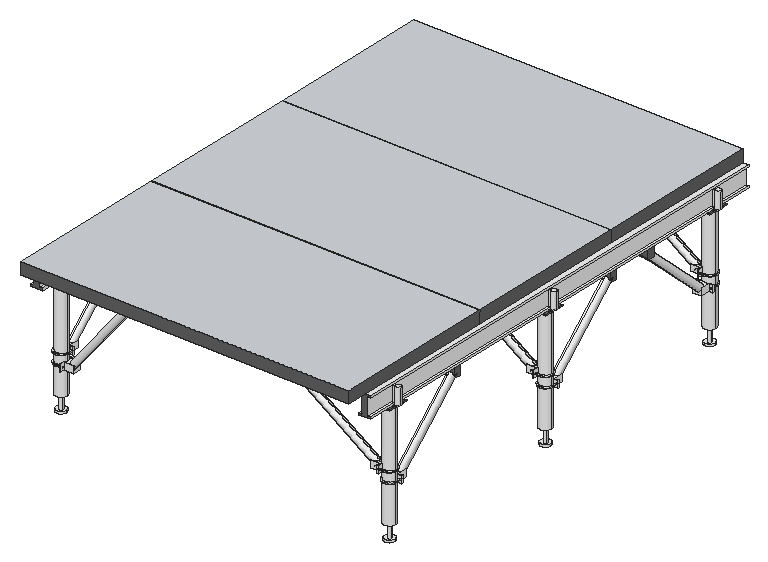
Revit family "Theatre-Equipment_Wenger-Strata--", category Specialty Equipment, Revit 2018 (continued)
Definition of nested family "Wenger-Strata-Pit_Filler-Deck"
  Parameters (values of type "Standard")
    Center Back Panel Depth = 4' - 0"
    Back Panel Depth = 4' - 0"
    Center Front Panel Right Offset = if(Center Front Panel Depth > 4' 0", 4' 0", if(and(Panel Tapered Right Side, Tapered Center Front Panel), if(Panel Side Angle Length > Center Front Panel Depth, Center Front Panel Depth, Panel Side Angle Length), Center Front Panel Depth))  # 4' - 0"
    Center Front Panel Left Offset = if(Center Front Panel Depth > 4' 0", 4' 0", if(and(Panel Tapered Left Side, Tapered Center Front Panel), if(Panel Side Angle Length > Center Front Panel Depth, Center Front Panel Depth, Panel Side Angle Length), Center Front Panel Depth))  # 4' - 0"
    Actual Center Front Panel Right Offset = if(Tapered Center Front Panel, Center Front Panel Right Offset, Center Front Panel Depth - if(Panel Tapered Right Side, 0' 0", Center Back Panel Angle Offset))  # 4' - 0"
    Actual Center Front Panel Left Offset = if(Tapered Center Front Panel, Center Front Panel Left Offset, Center Front Panel Depth - if(Panel Tapered Left Side, 0' 0", Center Back Panel Angle Offset))  # 4' - 0"
    Actual Center Front Panel Angle = atan((Center Front Panel Angle Offset) / Deck Width) * if(Panel Tapered Right Side, -1, 1)  # 0.00°
    Center Back Panel Right Offset = if(Center Back Panel Depth > 4' 0", 4' 0", if(and(Panel Tapered Right Side, Tapered Center Back Panel), if(Panel Side Angle Length > Center Back Panel Depth, Center Back Panel Depth, Panel Side Angle Length), Center Back Panel Depth))  # 4' - 0"
    Center Back Panel Left Offset = if(Center Back Panel Depth > 4' 0", 4' 0", if(and(Panel Tapered Left Side, Tapered Center Back Panel), if(Panel Side Angle Length > Center Back Panel Depth, Center Back Panel Depth, Panel Side Angle Length), Center Back Panel Depth))  # 4' - 0"
    Actual Center Back Panel Right Offset = if(Tapered Center Back Panel, Center Back Panel Right Offset, Center Back Panel Depth - if(Panel Tapered Left Side, 0' 0", Back Panel Angle Offset))  # 4' - 0"
    Actual Center Back Panel Left Offset = if(Tapered Center Back Panel, Center Back Panel Left Offset, Center Back Panel Depth - if(Panel Tapered Right Side, 0' 0", Back Panel Angle Offset))  # 4' - 0"
    Actual Center Back Panel Angle = atan((Center Back Panel Angle Offset) / Deck Width) * if(Panel Tapered Right Side, -1, 1)  # 0.00°
    Back Panel Right Offset = if(Back Panel Depth > 4' 0", 4' 0", if(and(Panel Tapered Right Side, Tapered Back Panel), if(Panel Side Angle Length > 4' 0", 4' 0", Panel Side Angle Length), Back Panel Depth))  # 4' - 0"
    Back Panel Left Offset = if(Back Panel Depth > 4' 0", 4' 0", if(and(Panel Tapered Left Side, Tapered Back Panel), if(Panel Side Angle Length > Back Panel Depth, Back Panel Depth, Panel Side Angle Length), Back Panel Depth))  # 4' - 0"
    Actual Back Panel Right Offset = Back Panel Right Offset  # 4' - 0"
    Actual Back Panel Left Offset = Back Panel Left Offset  # 4' - 0"
    Actual Back Panel Angle = atan((Back Panel Angle Offset) / Deck Width) * if(Panel Tapered Right Side, -1, 1)  # 0.00°
  Reference planes (in)
    plane 1 "Center (Front/Back)": y = 0
    plane 2: z = 0
    plane 3 "Center (Left/Right)": x = 0
    plane 4: z = -3.5625
    plane 5: z = 3.5625
    plane 6: x = 36
    plane 7: x = -36
    plane 8: y = 96
    plane 9: y = -96
    plane 10: z = -7.125
    plane 11: y = 48
    plane 12: y = 0
    plane 13: y = -48
    plane 14: z = -3.5625
    plane 15: z = -3.5625
    plane 16: z = -3.5625
    plane 17: z = -3.5625
    plane 18: y = 48
    plane 19: y = 0
    plane 20: y = -48
    plane 21: y = 48
    plane 22: y = 0
    plane 23: y = -48
    plane 24: z = 0
    plane 25: z = 0
    plane 26: x = 0
  Forms (in)
    Sweep 1, void
      path origin (42, -96, 48) x (-1, 0, 0) y (0, 0, 1)
        loop
          line (42, -55.125) -> (42, -51.5625)
      profile "Profile-Curved Deck : Curved Deck Profile" origin (0, -96, -5.34375) x (1, 0, 0) y (0, 1, 0)
        loop
          line (-36, -6) -> (36, -6) -> (36, 11.59469)
          arc (36, 11.59469) -> (-0.1502, 18.21437) -> (-36, 26.3044) r 900
          line (-36, 26.3044) -> (-36, -6)
    Sweep 2, void
      path origin (-42.03125, 96, 48) x (1, 0, 0) y (0, 0, 1)
        loop
          line (42.03125, -55.125) -> (42.03125, -51.5625)
      profile "Profile-Curved Back End Deck : Curved Deck Profile" origin (0, 96, -5.34375) x (-1, 0, 0) y (0, -1, 0)
        loop
          line (36, -0.0625) -> (36, 78.077)
          arc (36, 78.077) -> (0.13132, 85.64153) -> (-36, 91.83114) r 960
          line (-36, 91.83114) -> (-36, -0.0625) -> (36, -0.0625)
    Sweep 3, void
      path origin (42, -96, 48) x (-1, 0, 0) y (0, 0, 1)
        loop
          line (42, -55.125) -> (42, -51.5625)
      profile "Profile-Inverted Curved Deck : Curved Deck Profile" origin (0, -96, -5.34375) x (1, 0, 0) y (0, 1, 0)
        loop
          line (-36, -6) -> (36, -6) -> (36, 98.86367)
          arc (36, 98.86367) -> (-0.1502, 92.244) -> (-36, 84.15396) r 900
          line (-36, 84.15396) -> (-36, -6)
    Sweep 4, void
      path origin (-42.03125, 96, 48) x (1, 0, 0) y (0, 0, 1)
        loop
          line (42.03125, -55.125) -> (42.03125, -51.5625)
      profile "Profile-Inverted Curved Back End Deck : Curved Deck Profile" origin (0, 96, -5.34375) x (-1, 0, 0) y (0, -1, 0)
        loop
          line (36, -6) -> (36, 24.61559)
          arc (36, 24.61559) -> (0.13132, 17.05106) -> (-36, 10.86144) r 960
          line (-36, 10.86144) -> (-36, -6) -> (36, -6)
    Sweep 5, solid, material <- "Deck Material"
      path origin (-42.03125, 96, 48) x (1, 0, 0) y (0, 0, 1)
        loop
          line (42.03125, -51.5625) -> (42.03125, -48)
      profile origin (0, 96, -1.78125) x (-1, 0, 0) y (0, -1, 0)
        loop
          line (36, 0) -> (36, 192) -> (-36, 192) -> (-36, 0) -> (36, 0)
    Sweep 6, void
      path origin (-60, 48, 48) x (-1, 0, 0) y (0, 0, 1)
        loop
          line (-60, -48) -> (-60, -51.5625)
      profile "Profile-Deck Split : Standard" origin (0, 48, -1.78125) x (-1, 0, 0) y (0, 1, 0)
        loop
          line (-96, 0.01563) -> (-96, -0.01563) -> (96, -0.01563) -> (96, 0.01563) -> (-96, 0.01563)
    Sweep 7, void
      path origin (-60, 0, 48) x (-1, 0, 0) y (0, 0, 1)
        loop
          line (-60, -48) -> (-60, -55.125)
      profile "Profile-Deck Split : Standard" origin (0, 0, -3.5625) x (-1, 0, 0) y (0, 1, 0)
        loop
          line (-96, 0.01563) -> (-96, -0.01563) -> (96, -0.01563) -> (96, 0.01563) -> (-96, 0.01563)
    Sweep 8, void
      path origin (-60, -48, 48) x (-1, 0, 0) y (0, 0, 1)
        loop
          line (-60, -48) -> (-60, -55.125)
      profile "Profile-Deck Split : Standard" origin (0, -48, -3.5625) x (-1, 0, 0) y (0, 1, 0)
        loop
          line (-96, 0.01563) -> (-96, -0.01563) -> (96, -0.01563) -> (96, 0.01563) -> (-96, 0.01563)
  Cuts and joins
    Sweep 1, Sweep 2, Sweep 3, Sweep 4, Sweep 6, Sweep 7, Sweep 8 cuts Sweep 5
  Dimensions and locks (in)
    "Deck Panel Thickness": plane 2 to plane 4
    "Deck Panel Thickness": plane 5 to plane 2
    "Deck Right Overhang Offset": plane 3 "Center (Left/Right)" to plane 6
    "Deck Back Overhang Offset": plane 1 "Center (Front/Back)" to plane 8
    "Deck Left Overhang Offset": plane 7 to plane 3 "Center (Left/Right)"
    "Deck Front Overhang Offset": plane 1 "Center (Front/Back)" to plane 9
    "Deck Panel Thickness": plane 4 to plane 10
    "Actual Back Panel Left Offset": plane 11 to plane 8
    "Actual Center Back Panel Left Offset": plane 11 to plane 12
    "Actual Center Front Panel Left Offset": plane 13 to plane 12
    "Curbed Back Profile Offset": plane 14 to plane 4
    "Inverted Curbed Back Profile Offset": plane 15 to plane 4
    "Curbed Front Profile Offset": plane 16 to plane 4
    "Inverted Curbed Front Profile Offset": plane 17 to plane 4
    "Actual Back Panel Right Offset": plane 8 to plane 18
    "Actual Center Back Panel Right Offset": plane 18 to plane 19
    "Actual Center Front Panel Right Offset": plane 20 to plane 19
    equal spacing: plane 18, plane 21, plane 11
    "Deck Center Back Split Offset": plane 24 to plane 4
    "Deck Center Front Split Offset": plane 25 to plane 4
    plane 7 to plane 6 = 6' - 0"
    "Profile Offset": plane 26 to plane 6
    equal spacing: plane 12, plane 22, plane 19
    equal spacing: plane 20, plane 23, plane 13
    aligned and locked: plane 2 to level
    aligned and locked: plane 14 to Sweep 2 sketch curve
    aligned and locked: plane 10 to Sweep 2 sketch curve
    aligned and locked: plane 10 to Sweep 4 sketch curve
    aligned and locked: plane 15 to Sweep 4 sketch curve
    aligned and locked: plane 2 to Sweep 5 sketch curve
    aligned and locked: plane 3 "Center (Left/Right)" to Sweep 5 sketch curve
    aligned and locked: plane 4 to Sweep 5 sketch curve
    aligned and locked: Sweep 5 sketch curve to plane 7
    aligned and locked: plane 6 to Sweep 5 sketch curve
    aligned and locked: plane 8 to Sweep 5 sketch curve
    aligned and locked: plane 9 to Sweep 5 sketch curve
    aligned and locked: plane 10 to Sweep 1 sketch curve
    aligned and locked: plane 16 to Sweep 1 sketch curve
    aligned and locked: plane 10 to Sweep 3 sketch curve
    aligned and locked: plane 17 to Sweep 3 sketch curve
    aligned and locked: Sweep 6 sketch curve to plane 3 "Center (Left/Right)"
    aligned and locked: plane 2 to Sweep 6 sketch curve
    aligned and locked: plane 4 to Sweep 6 sketch curve
    aligned and locked: Sweep 7 sketch curve to plane 3 "Center (Left/Right)"
    aligned and locked: plane 24 to Sweep 7 sketch curve
    aligned and locked: plane 10 to Sweep 7 sketch curve
    aligned and locked: Sweep 8 sketch curve to plane 3 "Center (Left/Right)"
    aligned and locked: plane 10 to Sweep 8 sketch curve
    aligned and locked: plane 25 to Sweep 8 sketch curve
    aligned and locked: plane 26 to Sweep 4 sketch curve
    aligned and locked: plane 26 to Sweep 2 sketch curve
    aligned and locked: plane 26 to Sweep 1 sketch curve
    aligned and locked: plane 26 to Sweep 3 sketch curve
Definition of nested family "Head - Circle"
  Parameters (values of type "Standard")
    Text [instance] = ""
    Circle Radius = 0' - 0 1/4"
  Reference planes (in)
    plane 1: y = 0
    plane 2: x = 0
  Lines and regions (in)
    detail lines
      curve 1: circle (0, 0, 0) r 0.25 normal (0, 0, 1)
  Text (in)
    label "1-1" at (0.00553, 0.01775, 0), shows "Text"
  Dimensions and locks (in)
    locked: plane 1 to curve 1
    locked: plane 2 to curve 1
    "Circle Radius": radius of curve 1
